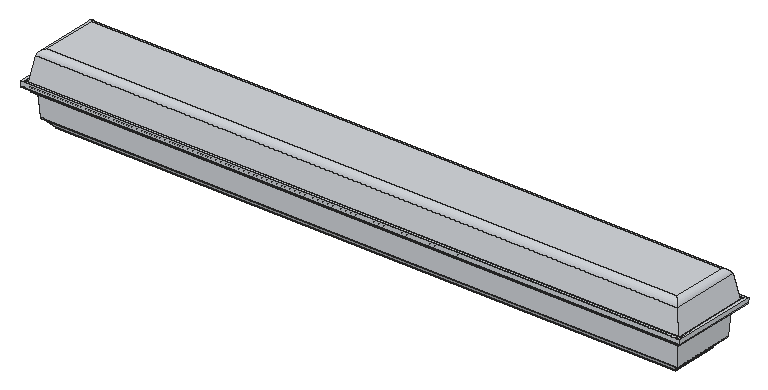
Revit family "Q1", category Lighting Fixtures, host Face, Revit 2025
Family settings
  Host = Face
  Round Connector Dimension = Use Diameter
  Part Type = Normal
  Cut with Voids When Loaded = No
  Light Source = Yes
  Maintain Annotation Orientation = Yes
  Shared = No
  Room Calculation Point = No
Parameters (values of type "METALUX 4VT2-LD4-8-DR-UNV-L835-CD1-WL-U")
  Width = 49 13/16"
  Wattage = 9.2903 W
  built-in parameter 1150110 = 1 (stored number, unit not read)
  URL = "https://www.zoro.com/metalux-ld4-8000lm-unv-3500k-cd1-wl-u-4vt2-4vt2-ld4-8-dr-unv-l835-cd1-wl-u/i/G1221719/"
  built-in parameter 1114217 = 1 (stored number, unit not read)
  built-in parameter 1150109 = 1 (stored number, unit not read)
  built-in parameter 1150134 = 3
  Sweep Margin = 3"
  built-in parameter 1150113 = 1 (stored number, unit not read)
  Offset [instance] = 0"
  Nominal Width = Width - (Sweep Margin * 2)  # 43 13/16"
  Model = "METALUX 4VT2-LD4-8-DR-UNV-L835-CD1-WL-U"
  Manufacturer = "Cooper Lighting Solutions"
  built-in parameter 1150105 = 439.27 (stored number, unit not read)
  Lumens = 1380 lm
  built-in parameter 1150115 = 1 (stored number, unit not read)
  Light Source Symbol Size = 36"
  built-in parameter 1150137 = (empty or 0)
  built-in parameter 1150139 = (empty or 0)
  built-in parameter 1150112 = 1 (stored number, unit not read)
  built-in parameter 1150114 = 1 (stored number, unit not read)
  built-in parameter 1150132 = (empty or 0)
  built-in parameter 1150102 = (empty or 0)
  built-in parameter 1150107 = 3200 (stored number, unit not read)
  built-in parameter 1150138 = (empty or 0)
  built-in parameter 1150106 = 4.3927 (stored number, unit not read)
  Height = 6.45575"
  Emit from Line Length = 24"
  built-in parameter 1150104 = 13.8 (stored number, unit not read)
  Dimming Lamp Color Temperature Shift = <None>
  Default Elevation = 48"
  Color Filter = 16777215
  Ballast Voltage = 0 V
  built-in parameter 1114218 = 1 (stored number, unit not read)
  built-in parameter 1150133 = 10 (stored number, unit not read)
  Apparent Load = 0 VA
Reference planes (in)
  plane 1 "Center (Front/Back)": y = 0
  plane 2: z = 0
  plane 3 "Center (Left/Right)": x = 0
  plane 4: y = 0.5
  plane 5: z = 0
  plane 6: x = -19.5047163
  plane 7: x = -16.5268409
  plane 8: y = 0
  plane 9: x = 0
  plane 10: z = 0
  plane 11: y = 0.5
  plane 12: z = 0
  plane 13: x = -16.5268409
  plane 14: z = 0
Forms (in)
  Sweep 1, solid, detail levels medium+fine
    path origin (0, -32.2738911, 0) x (1, 0, 0) y (0, 1, 0)
      loop
        line (-21.90625, 32.5238911) -> (-21.90625, 32.0238911) -> (21.90625, 32.0238911) -> (21.90625, 32.5238911) -> (-21.90625, 32.5238911)
    profile origin (0, 0.25, 0) x (0, 1, 0) y (0, 0, 1)
      loop
        line (1.8517777, 2.2280208) -> (0, 2.2280208) -> (0, -2.7744571) -> (0.2770275, -2.7744571) -> (0.5184892, -3.058736) -> (0.5526464, -3.0873973) -> (0.6080021, -3.1002343) -> (1.4023195, -3.1002343)
        arc (1.4023195, -3.1002343) -> (1.4566291, -3.0879562) -> (1.5003753, -3.0535099) r 0.1262521
        line (1.5003753, -3.0535099) -> (1.9422799, -2.5288614) -> (1.977364, -2.5117497)
        arc (1.977364, -2.5117497) -> (2.0626007, -2.4785934) -> (2.1030484, -2.3965652) r 0.1261803
        line (2.1030484, -2.3965652) -> (2.2555141, -0.6536343) -> (2.5283161, -0.6042732) -> (2.5793382, -0.3148419)
        arc (2.5793382, -0.3148419) -> (2.6008914, -0.277474) -> (2.6414339, -0.2627362) r 0.062992
        line (2.6414339, -0.2627362) -> (2.8826411, -0.2627362)
        arc (2.8826411, -0.2627362) -> (2.9252795, -0.2461462) -> (2.9454929, -0.2051013) r 0.0630879
        line (2.9454929, -0.2051013) -> (2.9778753, 0.1681459) -> (2.7854208, 0.1681459)
        arc (2.7854208, 0.1681459) -> (2.7657435, 0.1611198) -> (2.7574287, 0.1419514) r 0.0262523
        line (2.7574287, 0.1419514) -> (2.7574287, 0.110421)
        arc (2.7574287, 0.110421) -> (2.6998587, 0.0475936) -> (2.6322523, 0.0994681) r 0.0630674
        line (2.6322523, 0.0994681) -> (2.3276479, 1.8267446)
        arc (2.3276479, 1.8267446) -> (2.1624608, 2.1136539) -> (1.8517777, 2.2280208) r 0.4856194
  Extrusion 2, solid, detail levels medium+fine
    sketch origin (0, 0, 0) x (1, 0, 0) y (0, 1, 0)
      loop
        line (-23.4066253, 1.7503753) -> (-23.4066253, -1.7503753) -> (23.4066253, -1.7503753) -> (23.4066253, 1.7503753) -> (-23.4066253, 1.7503753)
    from -3.1002343 to 2.2280208
  Sweep 3, solid, not visible, detail levels medium+fine
    path origin (0, -32.2738911, 0) x (1, 0, 0) y (0, 1, 0)
      loop
        line (-21.90625, 32.5238911) -> (-21.90625, 32.0238911) -> (21.90625, 32.0238911) -> (21.90625, 32.5238911) -> (-21.90625, 32.5238911)
    profile origin (0, 0.25, 0) x (0, 1, 0) y (0, 0, 1)
      loop
        line (1.8517777, 2.2280208) -> (0, 2.2280208) -> (0, -2.7744571) -> (0.2770275, -2.7744571) -> (0.5184892, -3.058736) -> (0.5526464, -3.0873973) -> (0.6080021, -3.1002343) -> (1.4023195, -3.1002343)
        arc (1.4023195, -3.1002343) -> (1.4566291, -3.0879562) -> (1.5003753, -3.0535099) r 0.1262521
        line (1.5003753, -3.0535099) -> (1.9422799, -2.5288614) -> (1.977364, -2.5117497)
        arc (1.977364, -2.5117497) -> (2.0626007, -2.4785934) -> (2.1030484, -2.3965652) r 0.1261803
        line (2.1030484, -2.3965652) -> (2.2555141, -0.6536343) -> (2.5283161, -0.6042732) -> (2.5793382, -0.3148419)
        arc (2.5793382, -0.3148419) -> (2.6008914, -0.277474) -> (2.6414339, -0.2627362) r 0.062992
        line (2.6414339, -0.2627362) -> (2.8826411, -0.2627362)
        arc (2.8826411, -0.2627362) -> (2.9252795, -0.2461462) -> (2.9454929, -0.2051013) r 0.0630879
        line (2.9454929, -0.2051013) -> (2.9778753, 0.1681459) -> (2.7854208, 0.1681459)
        arc (2.7854208, 0.1681459) -> (2.7657435, 0.1611198) -> (2.7574287, 0.1419514) r 0.0262523
        line (2.7574287, 0.1419514) -> (2.7574287, 0.110421)
        arc (2.7574287, 0.110421) -> (2.6998587, 0.0475936) -> (2.6322523, 0.0994681) r 0.0630674
        line (2.6322523, 0.0994681) -> (2.3276479, 1.8267446)
        arc (2.3276479, 1.8267446) -> (2.1624608, 2.1136539) -> (1.8517777, 2.2280208) r 0.4856194
Cuts and joins
  joined: Sweep 1, Extrusion 2
Lines and regions (in)
  symbolic lines
    curve 1: line (-24.90625, 3.2278753, 0) -> (24.90625, 3.2278753, 0)
    curve 2: line (-24.90625, -3.2278753, 0) -> (-24.90625, 3.2278753, 0)
    curve 3: line (24.90625, -3.2278753, 0) -> (-24.90625, -3.2278753, 0)
    curve 4: line (24.90625, 3.2278753, 0) -> (24.90625, -3.2278753, 0)
Dimensions and locks (in)
  Sweep 1 sketch curve to Sweep 1 sketch curve = 1/2"
  plane 6 to plane 7 = 2.97788"
  "Nominal Width": Sweep 1 sketch curve to Sweep 1 sketch curve
  cut or joined group of Sweep 1, Extrusion 2 to cut or joined group of Sweep 1, Extrusion 2 = 49.76825"
  "Height": cut or joined group of Sweep 1, Extrusion 2 to cut or joined group of Sweep 1, Extrusion 2
  equal spacing: curve 2, plane 3 "Center (Left/Right)", curve 4
  equal spacing: curve 1, plane 1 "Center (Front/Back)", curve 3
  "Width": curve 2 to curve 4
  "Height": curve 1 to curve 3
  Sweep 3 sketch curve to Sweep 3 sketch curve = 1/2"
  "Nominal Width": Sweep 3 sketch curve to Sweep 3 sketch curve
  "Offset": plane 10 to plane 2
  aligned and locked: plane 2 to host face
  aligned and locked: level to host face
  aligned and locked: Sweep 1 to Extrusion 2
  aligned and locked: Extrusion 2 to Sweep 1
  aligned and locked: Extrusion 2 sketch curve to cut or joined group of Sweep 1, Extrusion 2  (x4)
Automatic sketch dimensions
  host sketch curve to host sketch curve = 96"  (x2)
  Sweep 1 sketch curve to profile plane = 0"
  Sweep 1 sketch curve to plane 4 = 0.02703"
  Sweep 1 sketch curve to plane 4 = 0.26849"
  Sweep 1 sketch curve to Sweep 1 sketch curve = 0.03416"
  Sweep 1 sketch curve to Sweep 1 sketch curve = 0.05536"
  Sweep 1 sketch curve to Sweep 1 sketch curve = 0.79432"
  Sweep 1 sketch curve to Sweep 1 sketch curve = 0.09806"
  Sweep 1 sketch curve to plane 4 = 1.59941"
  Sweep 1 sketch curve to Sweep 1 sketch curve = 0.00237"
  Sweep 1 sketch curve to Sweep 1 sketch curve = 0.4419"
  Sweep 1 sketch curve to Sweep 1 sketch curve = 0.03507"
  Sweep 1 sketch curve to Sweep 1 sketch curve = 0.03508"
  Sweep 1 sketch curve to Sweep 1 sketch curve = 0.1257"
  Sweep 1 sketch curve to Sweep 1 sketch curve = 0.15247"
  Sweep 1 sketch curve to Sweep 1 sketch curve = 0.47824"
  Sweep 1 sketch curve to Sweep 1 sketch curve = 0.2728"
  Sweep 1 sketch curve to Sweep 1 sketch curve = 0.05102"
  Sweep 1 sketch curve to Sweep 1 sketch curve = 0.05291"
  Sweep 1 sketch curve to Sweep 1 sketch curve = 0.06204"
  Sweep 1 sketch curve to Sweep 1 sketch curve = 0.00005"
  Sweep 1 sketch curve to Sweep 1 sketch curve = 0.06211"
  Sweep 1 sketch curve to Sweep 1 sketch curve = 0.06307"
  Sweep 1 sketch curve to Sweep 1 sketch curve = 0.02625"
  Sweep 1 sketch curve to Sweep 1 sketch curve = 0.00174"
  Sweep 1 sketch curve to Sweep 1 sketch curve = 0.24121"
  Sweep 1 sketch curve to Sweep 1 sketch curve = 0.06285"
  Sweep 1 sketch curve to Sweep 1 sketch curve = 0.19245"
  Sweep 1 sketch curve to Sweep 1 sketch curve = 1.73194"
  Sweep 1 sketch curve to Sweep 1 sketch curve = 0.011"
  Sweep 1 sketch curve to Sweep 1 sketch curve = 0.01711"
  Sweep 1 sketch curve to Sweep 1 sketch curve = 0.2456"
  Sweep 1 sketch curve to Sweep 1 sketch curve = 0.44512"
  Sweep 1 sketch curve to Sweep 1 sketch curve = 0.07953"
  Sweep 1 sketch curve to Sweep 1 sketch curve = 0.0415"
  Sweep 1 sketch curve to Sweep 1 sketch curve = 0.02866"
  Sweep 1 sketch curve to Sweep 1 sketch curve = 0.01089"
  Sweep 1 sketch curve to Sweep 1 sketch curve = 0.08434"
  plane 1 "Center (Front/Back)" to Extrusion 2 sketch curve = 1.75038"
  Sweep 1 sketch curve to plane 7 = 5.37941"
  Sweep 1 sketch curve to profile plane = 3.10023"
  Sweep 1 sketch curve to Sweep 1 sketch curve = 0.04936"
  Sweep 1 sketch curve to Sweep 1 sketch curve = 0.27855"
  Sweep 1 sketch curve to Sweep 1 sketch curve = 0.05763"
  profile plane to Sweep 1 sketch curve = 0.09947"
  Sweep 1 sketch curve to Sweep 1 sketch curve = 0.03153"
  profile plane to Sweep 1 sketch curve = 1.74241"
  Sweep 3 sketch curve to profile plane = 0"
  Sweep 3 sketch curve to plane 11 = 0.02703"
  Sweep 3 sketch curve to plane 11 = 0.26849"
  Sweep 3 sketch curve to Sweep 3 sketch curve = 0.03416"
  Sweep 3 sketch curve to Sweep 3 sketch curve = 0.05536"
  Sweep 3 sketch curve to Sweep 3 sketch curve = 0.79432"
  Sweep 3 sketch curve to Sweep 3 sketch curve = 0.09806"
  Sweep 3 sketch curve to plane 11 = 1.59941"
  Sweep 3 sketch curve to Sweep 3 sketch curve = 0.00237"
  Sweep 3 sketch curve to Sweep 3 sketch curve = 0.4419"
  Sweep 3 sketch curve to Sweep 3 sketch curve = 0.03507"
  Sweep 3 sketch curve to Sweep 3 sketch curve = 0.03508"
  Sweep 3 sketch curve to Sweep 3 sketch curve = 0.1257"
  Sweep 3 sketch curve to Sweep 3 sketch curve = 0.15247"
  Sweep 3 sketch curve to Sweep 3 sketch curve = 0.47824"
  Sweep 3 sketch curve to Sweep 3 sketch curve = 0.2728"
  Sweep 3 sketch curve to Sweep 3 sketch curve = 0.05102"
  Sweep 3 sketch curve to Sweep 3 sketch curve = 0.05291"
  Sweep 3 sketch curve to Sweep 3 sketch curve = 0.06204"
  Sweep 3 sketch curve to Sweep 3 sketch curve = 0.00005"
  Sweep 3 sketch curve to Sweep 3 sketch curve = 0.06211"
  Sweep 3 sketch curve to Sweep 3 sketch curve = 0.06307"
  Sweep 3 sketch curve to Sweep 3 sketch curve = 0.02625"
  Sweep 3 sketch curve to Sweep 3 sketch curve = 0.00174"
  Sweep 3 sketch curve to Sweep 3 sketch curve = 0.24121"
  Sweep 3 sketch curve to Sweep 3 sketch curve = 0.06285"
  Sweep 3 sketch curve to Sweep 3 sketch curve = 0.19245"
  Sweep 3 sketch curve to Sweep 3 sketch curve = 1.73194"
  Sweep 3 sketch curve to Sweep 3 sketch curve = 0.011"
  Sweep 3 sketch curve to Sweep 3 sketch curve = 0.01711"
  Sweep 3 sketch curve to Sweep 3 sketch curve = 0.2456"
  Sweep 3 sketch curve to Sweep 3 sketch curve = 0.44512"
  Sweep 3 sketch curve to Sweep 3 sketch curve = 0.07953"
  Sweep 3 sketch curve to Sweep 3 sketch curve = 0.0415"
  Sweep 3 sketch curve to Sweep 3 sketch curve = 0.02866"
  Sweep 3 sketch curve to Sweep 3 sketch curve = 0.01089"
  Sweep 3 sketch curve to Sweep 3 sketch curve = 0.08434"
  Sweep 3 sketch curve to plane 13 = 5.37941"
  Sweep 3 sketch curve to profile plane = 3.10023"
  Sweep 3 sketch curve to Sweep 3 sketch curve = 0.04936"
  Sweep 3 sketch curve to Sweep 3 sketch curve = 0.27855"
  Sweep 3 sketch curve to Sweep 3 sketch curve = 0.05763"
  profile plane to Sweep 3 sketch curve = 0.09947"
  Sweep 3 sketch curve to Sweep 3 sketch curve = 0.03153"
  profile plane to Sweep 3 sketch curve = 1.74241"
Connectors (in)
  electrical at (0, 1.2233478, -3.1002343), driven by "Ballast Voltage", driven by "Apparent Load"
    settings: on cut or joined group of Sweep 1, Extrusion 2, index 1, voltage 0 V, apparent load 0 VA, apparent load phase1 0 VA, apparent load phase2 0 VA, apparent load phase3 0 VA, power factor 1, load classification "Other", number of poles 1, system type 31, power factor state 1, is connector primary yes, connector utility no, sub classification motor no, connector description ""
